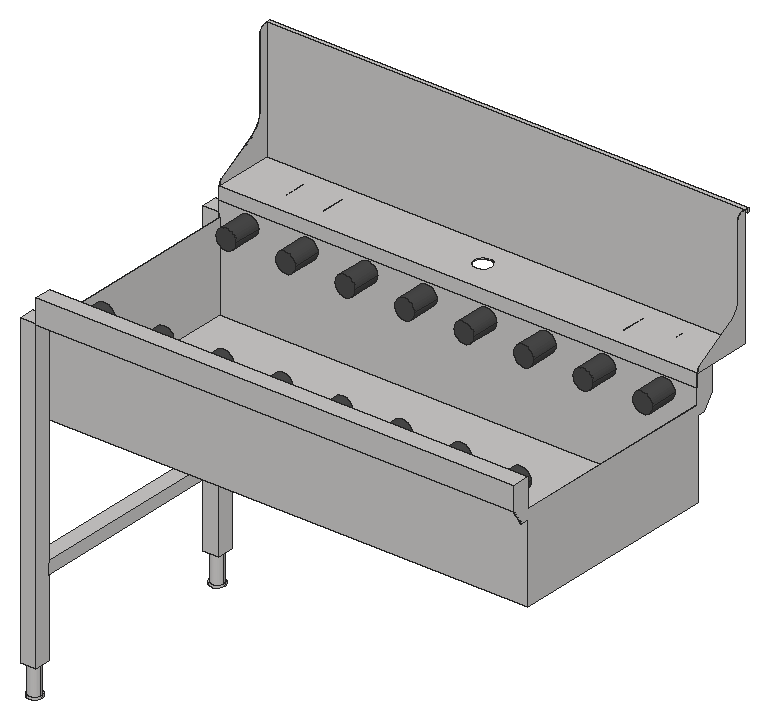
Revit family "QF_ELECTROLUXPROFESSIONAL_863073_HSSRDB12SB", category Specialty Equipment, Revit 2018
Family settings
  Round Connector Dimension = Use Diameter
  Part Type = Normal
  Work Plane-Based = No
  Always vertical = Yes
  Cut with Voids When Loaded = No
  Shared = No
  Room Calculation Point = No
Parameters
  Weight = 0.00 kg
  Watts = 0 W
  Volts = 0 V
  URL Manufacturer = "http://professional.electrolux.com/"
  URL = "http://professional.electrolux.com/"
  Steam Supply Size = 0 mm
  Steam Supply Minimum Pressure = 0.0 Pa
  Steam Supply Maximum Pressure = 0.0 Pa
  Steam Pounds per Hour = 0
  Refrigeration Suction Line Size = 0 mm
  Refrigeration Liquid Line Size = 0 mm
  Refrigerant Compressor Remote = yes
  Manufacturer = "Electrolux"
  Phase = 0
  Model = "HSSRDB12SB"
  Length Actual = 1200 mm  # constant formula
  Item Number = "863073"
  Hot Water Size = 0 mm
  Height Actual = 1213 mm  # constant formula
  HP = "0 HP"
  Gas Size = 0 mm
  Gas KW = 0
  Gas Input Pressure = 0 W
  Description = "SHORT ROLLER CONVEYOR WITH DEEP BASIN AND SPLASH BACK,  L=1200 MM"
  Depth Actual = 735 mm  # constant formula
  Cycle = 0 Hz
  Condensate Return Size = 0 mm
  Compressed Air Volume = 0.0 L/s
  Compressed Air Size = 0 mm
  Compressed Air Pressure = 0.0 Pa
  Cold Water Size = 0 mm
  Accessory = yes
Reference planes
  plane 1 "Centro (Fronte/Retro)": y = 74.737
  plane 2: z = 0
  plane 3 "LEFT": x = -1038.761
  plane 4 "BACK": y = 499.737
  plane 5 "FRONT": y = -235.263
  plane 6: z = 910
  plane 7 "RIGHT": x = 161.239
  plane 8: x = -438.761
Forms (mm)
  Extrusion 1, solid, material "QF_Finishes_Stainless Steel"
    sketch origin (0, 74.737, 0) x (1, 0, 0) y (0, 0, 1)
      loop
        line (-1079.929, 300) -> (-1079.929, 270) -> (-1039.929, 270) -> (-1039.929, 300) -> (-1079.929, 300)
    from -266.504 to 266.46
  Extrusion 2, solid, material "QF_Finishes_Stainless Steel"
    sketch origin (11.239, 0, 0) x (0, 1, 0) y (0, 0, 1)
      loop
        line (-235.263, 910) -> (-235.263, 850.033) -> (-190.242, 850.033) -> (-190.242, 910) -> (-235.263, 910)
      loop
        line (384.737, 910) -> (339.716, 910) -> (339.716, 850.033) -> (384.737, 850.033) -> (384.737, 910)
    from -1048.8 to 148.8
  Extrusion 3, solid, material "QF_Finishes_Stainless Steel"
    sketch origin (11.239, 0, 0) x (0, 1, 0) y (0, 0, 1)
      loop
        line (-191.727, 850.033) -> (-191.727, 618.033) -> (341.245, 618.033) -> (341.245, 850.033) -> (339.716, 850.033) -> (339.716, 621.033) -> (-190.242, 621.033) -> (-190.242, 850.033) -> (-191.727, 850.033)
    from -1048.8 to 148.8
  Extrusion 4, solid, material "QF_Finishes_Stainless Steel"
    sketch origin (1461.239, 723.253, 4000) x (0, 1, 0) y (0, 0, 1)
      loop
        line (-958.516, -3090) -> (-958.516, -3149.967) -> (-934.752, -3185.632) -> (-914.981, -3185.632) -> (-914.981, -3381.967) -> (-382.009, -3381.967) -> (-382.009, -3185.632) -> (-362.281, -3185.632) -> (-338.516, -3149.967) -> (-338.516, -3090) -> (-383.538, -3090) -> (-383.538, -3161.926) -> (-913.495, -3161.926) -> (-913.495, -3090) -> (-958.516, -3090)
    from -1300 to -1301.2
  Revolve 5, solid, material "QF_Finishes_Stainless Steel"
    sketch origin (-438.761, 0, 0) x (0, 1, 0) y (0, 0, 1)
      loop
        line (74.737, 618.033) -> (-1.756, 618.033) -> (-1.756, 601.823) -> (0.354, 601.823)
        arc (0.354, 601.823) -> (3.64, 597.973) -> (0.351, 594.125) r 3.897
        line (0.351, 594.125) -> (-1.756, 594.125) -> (-1.756, 551.31)
        arc (-1.756, 551.31) -> (8.91, 520.632) -> (36.296, 503.17) r 49.497
        line (36.296, 503.17) -> (36.296, 500.684) -> (37.487, 497.398) -> (51.25, 491.407) -> (51.25, 455.535) -> (52.727, 454.059) -> (74.737, 454.059) -> (74.737, 618.033)
      axis (74.737, 454.059) -> (74.737, 618.033)
    angle from 0 to 360
  Extrusion 6, solid, material "QF_Finishes_Stainless Steel"
    sketch origin (-537.561, 723.253, 4000) x (0, 1, 0) y (0, 0, 1)
      loop
        line (-958.516, -3090) -> (-958.516, -3149.967) -> (-914.981, -3149.967) -> (-914.981, -3381.967) -> (-382.009, -3381.967) -> (-382.009, -3149.967) -> (-338.516, -3149.967) -> (-338.516, -3090) -> (-383.538, -3090) -> (-383.538, -3161.926) -> (-913.495, -3161.926) -> (-913.495, -3090) -> (-958.516, -3090)
    from -500 to -501.2
  Extrusion 7, solid, material "QF_Finishes_Black"
    sketch origin (0, 74.737, 0) x (1, 0, 0) y (0, 0, 1)
      loop
        circle (-961.28, 850.115) r 25
      loop
        circle (-811.989, 850.115) r 25
      loop
        circle (-214.824, 850.115) r 25
      loop
        circle (-65.533, 850.115) r 25
      loop
        circle (83.758, 850.115) r 25
      loop
        circle (-364.115, 850.115) r 25
      loop
        circle (-662.698, 850.115) r 25
      loop
        circle (-513.407, 850.115) r 25
    from 190.58 to 260.534
  Extrusion 8, solid, material "QF_Finishes_Stainless Steel"
    sketch origin (-239.961, 342.237, 0) x (0, 1, 0) y (0, 0, -1)
      loop
        line (-2.521, -910) -> (-2.521, -879.543) -> (-4.021, -879.543) -> (-4.021, -911.5) -> (145.999, -911.5) -> (145.999, -1213) -> (157.5, -1213) -> (157.5, -1202.537) -> (156, -1202.537) -> (156, -1211.5) -> (147.499, -1211.5) -> (147.499, -910) -> (-2.521, -910)
    from -401.2 to 798.8
  Extrusion 9, solid, material "QF_Finishes_Stainless Steel"
    sketch origin (-915.761, 342.237, 0) x (0, 1, 0) y (0, 0, 1)
      loop
        line (-0.992, 624.033) -> (13.767, 624.033)
        arc (13.767, 624.033) -> (17.303, 625.498) -> (18.768, 629.034) r 5.001
        line (18.768, 629.034) -> (18.768, 745.739) -> (102.636, 891.045) -> (102.636, 910) -> (42.5, 910) -> (42.5, 850.033) -> (-0.992, 850.033) -> (-0.992, 624.033)
    from 0 to 3
  Extrusion 10, solid, material "QF_Finishes_Stainless Steel"
    sketch origin (-818.761, 342.237, 0) x (0, 1, 0) y (0, 0, 1)
      loop
        line (-0.992, 624.033) -> (13.767, 624.033)
        arc (13.767, 624.033) -> (17.303, 625.498) -> (18.768, 629.034) r 5.001
        line (18.768, 629.034) -> (18.768, 745.739) -> (102.636, 891.045) -> (102.636, 910) -> (42.5, 910) -> (42.5, 850.033) -> (-0.992, 850.033) -> (-0.992, 624.033)
    from 0 to 3
  Extrusion 11, solid, material "QF_Finishes_Stainless Steel"
    sketch origin (-205.939, 342.237, 13) x (-1, 0, 0) y (0, 0, 1)
      loop
        line (706.822, 837.033) -> (612.822, 837.033) -> (612.822, 611.033) -> (706.822, 611.033) -> (706.822, 837.033)
    from -0.992 to 1.008
  Extrusion 12, solid, material "QF_Finishes_Stainless Steel"
    sketch origin (160.039, 342.237, 0) x (0, 1, 0) y (0, 0, -1)
      loop
        line (1.051, -911.5) -> (1.051, -914.619)
        arc (1.051, -914.619) -> (2.37, -919.604) -> (6.004, -923.263) r 9.963
        line (6.004, -923.263) -> (100.988, -978.112)
        arc (100.988, -978.112) -> (119.305, -996.412) -> (126.02, -1021.418) r 50.023
        line (126.02, -1021.418) -> (126.02, -1196.012)
        arc (126.02, -1196.012) -> (130.414, -1206.62) -> (141.022, -1211.014) r 15.003
        line (141.022, -1211.014) -> (145.999, -1211.014) -> (145.999, -911.5) -> (1.051, -911.5)
    from -1.2 to 0
  Extrusion 13, solid, material "QF_Finishes_Stainless Steel"
    sketch origin (-1033.961, 342.237, 0) x (0, 1, 0) y (0, 0, -1)
      loop
        line (141.022, -1211.014) -> (145.999, -1211.014) -> (145.999, -911.5) -> (1.051, -911.5) -> (1.051, -914.619)
        arc (1.051, -914.619) -> (2.37, -919.604) -> (6.004, -923.263) r 9.963
        line (6.004, -923.263) -> (100.988, -978.112)
        arc (100.988, -978.112) -> (119.305, -996.412) -> (126.02, -1021.418) r 50.023
        line (126.02, -1021.418) -> (126.02, -1196.012)
        arc (126.02, -1196.012) -> (130.414, -1206.62) -> (141.022, -1211.014) r 15.003
    from 3.6 to 4.8
  Extrusion 14, void
    sketch origin (0, 0, 0) x (1, 0, 0) y (0, 1, 0)
      loop
        circle (-438.761, 417.226) r 22.503
    from 910 to 911.5
  Extrusion 15, solid, material "QF_Finishes_Stainless Steel"
    sketch origin (-361.761, 342.237, 0) x (0, 1, 0) y (0, 0, -1)
      loop
        line (-0.992, -624.033) -> (-0.992, -850.033) -> (42.5, -850.033) -> (42.5, -910) -> (102.636, -910) -> (102.636, -891.045) -> (18.768, -745.739) -> (18.768, -629.034)
        arc (18.768, -629.034) -> (17.303, -625.498) -> (13.767, -624.033) r 5.001
        line (13.767, -624.033) -> (-0.992, -624.033)
    from -400 to -397
  Extrusion 16, solid, material "QF_Finishes_Stainless Steel"
    sketch origin (-458.761, 342.237, 0) x (0, 1, 0) y (0, 0, -1)
      loop
        line (-0.992, -624.033) -> (-0.992, -850.033) -> (42.5, -850.033) -> (42.5, -910) -> (102.636, -910) -> (102.636, -891.045) -> (18.768, -745.739) -> (18.768, -629.034)
        arc (18.768, -629.034) -> (17.303, -625.498) -> (13.767, -624.033) r 5.001
        line (13.767, -624.033) -> (-0.992, -624.033)
    from -400 to -397
  Extrusion 17, solid, material "QF_Finishes_Stainless Steel"
    sketch origin (-1071.583, 342.237, 13) x (1, 0, 0) y (0, 0, -1)
      loop
        line (1106.822, -837.033) -> (1106.822, -611.033) -> (1012.822, -611.033) -> (1012.822, -837.033) -> (1106.822, -837.033)
    from -0.992 to 1.008
  Extrusion 18, solid, material "QF_Finishes_Black"
    sketch origin (0, 74.737, 0) x (1, 0, 0) y (0, 0, -1)
      loop
        circle (-961.28, -850.115) r 25
      loop
        circle (-811.989, -850.115) r 25
      loop
        circle (-214.824, -850.115) r 25
      loop
        circle (-65.533, -850.115) r 25
      loop
        circle (83.758, -850.115) r 25
      loop
        circle (-364.115, -850.115) r 25
      loop
        circle (-662.698, -850.115) r 25
      loop
        circle (-513.407, -850.115) r 25
    from 190.58 to 260.534
Cuts and joins
  joined: Extrusion 2, Extrusion 3, Extrusion 4, Revolve 5, Extrusion 6
  Extrusion 14 cuts Extrusion 8
  joined: Extrusion 8, Extrusion 9, Extrusion 10, Extrusion 11, Extrusion 12, Extrusion 13, Extrusion 15, Extrusion 16, Extrusion 17
Lines and regions (mm)
  Split face 1
    outline origin (608.239, 339.716, 621.033) x (-1, 0, 0) y (0, -1, 0)
      loop
        circle (1047, 264.904) r 3.016
  Split face 2
    outline origin (608.239, 339.716, 621.033) x (-1, 0, 0) y (0, -1, 0)
      loop
        circle (1047, 264.904) r 52.991
  Split face 3
    outline origin (608.239, 339.716, 621.033) x (-1, 0, 0) y (0, -1, 0)
      loop
        circle (1047, 264.904) r 36.015
  Split face 4
    outline origin (608.239, 339.716, 621.033) x (-1, 0, 0) y (0, -1, 0)
      loop
        circle (1047, 264.904) r 26.027
  Split face 5
    outline origin (608.239, 339.716, 621.033) x (-1, 0, 0) y (0, -1, 0)
      loop
        circle (1047, 264.904) r 9.056
  Masking region 1
    outline origin (0, 0, 0) x (1, 0, 0) y (0, 1, 0)
      loop
        line (-1038.761, 499.737) -> (-1038.761, -235.263) -> (161.239, -235.263) -> (161.239, 499.737) -> (-1038.761, 499.737)
  symbolic lines
    curve 1: line (161.239, 499.737, 0) -> (-1038.761, 499.737, 0)
    curve 2: line (-1038.761, 499.737, 0) -> (-1038.761, -235.263, 0)
    curve 3: line (-1038.761, 339.716, 0) -> (161.239, 339.716, 0)
    curve 4: line (-1038.761, -235.263, 0) -> (161.239, -235.263, 0)
    curve 5: line (161.239, -235.263, 0) -> (161.239, 499.737, 0)
    curve 6: line (161.239, -190.242, 0) -> (-1038.761, -190.242, 0)
    curve 7: line (-936.28, -185.797, 0) -> (-986.28, -185.797, 0)
    curve 8: line (-986.28, -185.797, 0) -> (-986.28, -115.842, 0)
    curve 9: line (-986.28, -115.842, 0) -> (-936.28, -115.842, 0)
    curve 10: line (-936.28, -115.842, 0) -> (-936.28, -185.797, 0)
    curve 11: line (-786.989, -185.797, 0) -> (-836.989, -185.797, 0)
    curve 12: line (-836.989, -185.797, 0) -> (-836.989, -115.842, 0)
    curve 13: line (-836.989, -115.842, 0) -> (-786.989, -115.842, 0)
    curve 14: line (-786.989, -115.842, 0) -> (-786.989, -185.797, 0)
    curve 15: line (-637.698, -185.797, 0) -> (-687.698, -185.797, 0)
    curve 16: line (-687.698, -185.797, 0) -> (-687.698, -115.842, 0)
    curve 17: line (-687.698, -115.842, 0) -> (-637.698, -115.842, 0)
    curve 18: line (-637.698, -115.842, 0) -> (-637.698, -185.797, 0)
    curve 19: line (-339.115, -185.797, 0) -> (-389.115, -185.797, 0)
    curve 20: line (-389.115, -185.797, 0) -> (-389.115, -115.842, 0)
    curve 21: line (-389.115, -115.842, 0) -> (-339.115, -115.842, 0)
    curve 22: line (-339.115, -115.842, 0) -> (-339.115, -185.797, 0)
    curve 23: line (-1038.761, 343.288, 0) -> (-1037.561, 343.288, 0)
    curve 24: line (-1037.561, 343.288, 0) -> (-1037.561, 488.236, 0)
    curve 25: line (-1038.761, 488.236, 0) -> (161.239, 488.236, 0)
    curve 26: line (160.039, 488.236, 0) -> (160.039, 343.288, 0)
    curve 27: line (160.039, 343.288, 0) -> (161.239, 343.288, 0)
    curve 28: arc (-461.264, 417.226, 0) -> (-438.761, 439.729, 0) -> (-416.258, 417.226, 0) r 22.503
    curve 29: arc (-416.258, 417.226, 0) -> (-438.761, 394.723, 0) -> (-461.264, 417.226, 0) r 22.503
    curve 30: line (161.239, 74.737, 0) -> (131.239, 74.737, 0)
    curve 31: line (-1038.761, 74.737, 0) -> (-1008.761, 74.737, 0)
    curve 32: arc (-438.761, 151.231, 0) -> (-362.267, 74.737, 0) -> (-438.761, -1.756, 0) r 76.494
    curve 33: arc (-438.761, -1.756, 0) -> (-515.254, 74.737, 0) -> (-438.761, 151.231, 0) r 76.494
    curve 34: arc (-438.761, 96.747, 0) -> (-460.771, 74.737, 0) -> (-438.761, 52.727, 0) r 22.01
    curve 35: arc (-438.761, 52.727, 0) -> (-416.751, 74.737, 0) -> (-438.761, 96.747, 0) r 22.01
    curve 36: line (-488.407, -185.797, 0) -> (-538.407, -185.797, 0)
    curve 37: line (-538.407, -185.797, 0) -> (-538.407, -115.842, 0)
    curve 38: line (-538.407, -115.842, 0) -> (-488.407, -115.842, 0)
    curve 39: line (-488.407, -115.842, 0) -> (-488.407, -185.797, 0)
    curve 40: line (-189.824, -185.797, 0) -> (-239.824, -185.797, 0)
    curve 41: line (-239.824, -185.797, 0) -> (-239.824, -115.842, 0)
    curve 42: line (-239.824, -115.842, 0) -> (-189.824, -115.842, 0)
    curve 43: line (-189.824, -115.842, 0) -> (-189.824, -185.797, 0)
    curve 44: line (-40.533, -185.797, 0) -> (-90.533, -185.797, 0)
    curve 45: line (-90.533, -185.797, 0) -> (-90.533, -115.842, 0)
    curve 46: line (-90.533, -115.842, 0) -> (-40.533, -115.842, 0)
    curve 47: line (-40.533, -115.842, 0) -> (-40.533, -185.797, 0)
    curve 48: line (108.758, -185.797, 0) -> (58.758, -185.797, 0)
    curve 49: line (58.758, -185.797, 0) -> (58.758, -115.842, 0)
    curve 50: line (58.758, -115.842, 0) -> (108.758, -115.842, 0)
    curve 51: line (108.758, -115.842, 0) -> (108.758, -185.797, 0)
    curve 52: line (-936.28, 335.271, 0) -> (-986.28, 335.271, 0)
    curve 53: line (-986.28, 335.271, 0) -> (-986.28, 265.317, 0)
    curve 54: line (-986.28, 265.317, 0) -> (-936.28, 265.317, 0)
    curve 55: line (-936.28, 265.317, 0) -> (-936.28, 335.271, 0)
    curve 56: line (-786.989, 335.271, 0) -> (-836.989, 335.271, 0)
    curve 57: line (-836.989, 335.271, 0) -> (-836.989, 265.317, 0)
    curve 58: line (-836.989, 265.317, 0) -> (-786.989, 265.317, 0)
    curve 59: line (-786.989, 265.317, 0) -> (-786.989, 335.271, 0)
    curve 60: line (-637.698, 335.271, 0) -> (-687.698, 335.271, 0)
    curve 61: line (-687.698, 335.271, 0) -> (-687.698, 265.317, 0)
    curve 62: line (-687.698, 265.317, 0) -> (-637.698, 265.317, 0)
    curve 63: line (-637.698, 265.317, 0) -> (-637.698, 335.271, 0)
    curve 64: line (-339.115, 335.271, 0) -> (-389.115, 335.271, 0)
    curve 65: line (-389.115, 335.271, 0) -> (-389.115, 265.317, 0)
    curve 66: line (-389.115, 265.317, 0) -> (-339.115, 265.317, 0)
    curve 67: line (-339.115, 265.317, 0) -> (-339.115, 335.271, 0)
    curve 68: line (-488.407, 335.271, 0) -> (-538.407, 335.271, 0)
    curve 69: line (-538.407, 335.271, 0) -> (-538.407, 265.317, 0)
    curve 70: line (-538.407, 265.317, 0) -> (-488.407, 265.317, 0)
    curve 71: line (-488.407, 265.317, 0) -> (-488.407, 335.271, 0)
    curve 72: line (-189.824, 335.271, 0) -> (-239.824, 335.271, 0)
    curve 73: line (-239.824, 335.271, 0) -> (-239.824, 265.317, 0)
    curve 74: line (-239.824, 265.317, 0) -> (-189.824, 265.317, 0)
    curve 75: line (-189.824, 265.317, 0) -> (-189.824, 335.271, 0)
    curve 76: line (-40.533, 335.271, 0) -> (-90.533, 335.271, 0)
    curve 77: line (-90.533, 335.271, 0) -> (-90.533, 265.317, 0)
    curve 78: line (-90.533, 265.317, 0) -> (-40.533, 265.317, 0)
    curve 79: line (-40.533, 265.317, 0) -> (-40.533, 335.271, 0)
    curve 80: line (108.758, 335.271, 0) -> (58.758, 335.271, 0)
    curve 81: line (58.758, 335.271, 0) -> (58.758, 265.317, 0)
    curve 82: line (58.758, 265.317, 0) -> (108.758, 265.317, 0)
    curve 83: line (108.758, 265.317, 0) -> (108.758, 335.271, 0)
Dimensions and locks
  plane 3 "LEFT" to plane 7 "RIGHT" = 1200 mm
  plane 4 "BACK" to plane 1 "Centro (Fronte/Retro)" to plane 5 "FRONT" = 425 mm, 310 mm
  plane 4 "BACK" to plane 5 "FRONT" = 735 mm
  equal spacing: plane 3 "LEFT", plane 8, plane 7 "RIGHT"
  locked: cut or joined group 1 (Extrusion 8, Extrusion 9, Extrusion 10, Extrusion 11, Extrusion 12, Extrusion 13, Extrusion 14, Extrusion 15, Extrusion 16, Extrusion 17) to cut or joined group 1 at 94  (x2)
  equal spacing: cut or joined group 1, plane 8, cut or joined group 1
  locked: cut or joined group 1 to cut or joined group 1 at 3  (x2)
  locked: Extrusion 7 sketch curve to plane 3 "LEFT" at 77.481
  locked: plane 7 "RIGHT" to Extrusion 7 sketch curve at 77.481
  equal spacing: Extrusion 7 sketch curve, Extrusion 7 sketch curve, Extrusion 7 sketch curve, Extrusion 7 sketch curve, Extrusion 7 sketch curve, Extrusion 7 sketch curve, Extrusion 7 sketch curve, Extrusion 7 sketch curve
  equal spacing: Extrusion 18 sketch curve, Extrusion 18 sketch curve, Extrusion 18 sketch curve, Extrusion 18 sketch curve, Extrusion 18 sketch curve, Extrusion 18 sketch curve, Extrusion 18 sketch curve, Extrusion 18 sketch curve
  aligned and locked: level to plane 2
  aligned and locked: plane 8 to cut or joined group of Extrusion 2, Extrusion 3, Extrusion 4, Revolve 5, Extrusion 6
  aligned and locked: Extrusion 2 to Extrusion 3
Automatic sketch dimensions
  curve 28 to curve 29 = 0 mm  (x2)
  curve 32 to curve 33 = 0 mm  (x2)
  curve 32 to curve 34 = 0 mm  (x2)
  curve 32 to curve 35 = 0 mm  (x2)
  curve 33 to curve 34 = 0 mm  (x2)
  curve 33 to curve 35 = 0 mm  (x2)
  curve 34 to curve 35 = 0 mm  (x2)
  curve 4 to plane 3 "LEFT" = 0 mm
  plane 1 "Centro (Fronte/Retro)" to curve 31 = 0 mm
  plane 1 "Centro (Fronte/Retro)" to curve 35 = 0 mm
  curve 35 to plane 8 = 0 mm
  plane 1 "Centro (Fronte/Retro)" to curve 30 = 0 mm
  curve 27 to plane 7 "RIGHT" = 0 mm
  curve 4 to plane 5 "FRONT" = 0 mm
  curve 2 to plane 4 "BACK" = 0 mm
  plane 3 "LEFT" to curve 24 = 1.2 mm
  plane 3 "LEFT" to curve 8 = 52.481 mm
  curve 23 to curve 53 = 51.281 mm
  curve 8 to curve 10 = 50 mm
  curve 53 to curve 55 = 50 mm
  curve 54 to curve 57 = 99.291 mm
  curve 9 to curve 13 = 99.291 mm
  curve 12 to curve 14 = 50 mm
  curve 57 to curve 59 = 50 mm
  plane 5 "FRONT" to curve 16 = 49.466 mm
  curve 11 to curve 16 = 99.291 mm
  curve 56 to curve 61 = 99.291 mm
  curve 60 to curve 60 = 50 mm
  curve 16 to curve 18 = 50 mm
  curve 60 to curve 69 = 99.291 mm
  curve 17 to curve 37 = 99.291 mm
  plane 8 to curve 71 = 49.646 mm
  plane 8 to curve 39 = 49.646 mm
  plane 8 to curve 28 = 0 mm
  curve 66 to plane 8 = 49.646 mm
  curve 21 to plane 8 = 49.646 mm
  curve 64 to curve 67 = 50 mm
  curve 19 to curve 22 = 50 mm
  curve 21 to curve 41 = 99.291 mm
  curve 64 to curve 72 = 99.291 mm
  curve 40 to curve 40 = 50 mm
  curve 72 to curve 75 = 50 mm
  curve 74 to curve 78 = 99.291 mm
  curve 42 to curve 46 = 99.291 mm
  curve 44 to curve 44 = 50 mm
  curve 76 to curve 76 = 50 mm
  curve 46 to curve 50 = 99.291 mm
  curve 76 to curve 80 = 99.291 mm
  curve 81 to curve 83 = 50 mm
  curve 48 to curve 48 = 50 mm
  curve 26 to plane 7 "RIGHT" = 1.2 mm
  plane 5 "FRONT" to curve 40 = 49.466 mm
  plane 5 "FRONT" to curve 39 = 49.466 mm
  plane 5 "FRONT" to curve 51 = 49.466 mm
  plane 5 "FRONT" to curve 7 = 49.466 mm
  plane 5 "FRONT" to curve 44 = 49.466 mm
  plane 5 "FRONT" to curve 11 = 49.466 mm
  plane 5 "FRONT" to curve 22 = 49.466 mm
  curve 15 to curve 17 = 69.954 mm
  curve 19 to curve 20 = 69.954 mm
  curve 11 to curve 14 = 69.954 mm
  curve 44 to curve 47 = 69.954 mm
  curve 7 to curve 10 = 69.954 mm
  curve 40 to curve 43 = 69.954 mm
  curve 36 to curve 38 = 69.954 mm
  curve 48 to curve 49 = 69.954 mm
  curve 70 to plane 1 "Centro (Fronte/Retro)" = 190.58 mm
  curve 73 to plane 1 "Centro (Fronte/Retro)" = 190.58 mm
  curve 67 to curve 73 = 0 mm
  curve 74 to curve 77 = 0 mm
  curve 63 to curve 69 = 0 mm
  curve 78 to curve 81 = 0 mm
  curve 59 to curve 61 = 0 mm
  curve 53 to curve 57 = 0 mm
  curve 57 to curve 57 = 69.954 mm
  curve 54 to curve 55 = 69.954 mm
  curve 62 to curve 60 = 69.954 mm
  curve 81 to curve 81 = 69.954 mm
  curve 66 to curve 64 = 69.954 mm
  curve 78 to curve 79 = 69.954 mm
  curve 70 to curve 68 = 69.954 mm
  curve 74 to curve 75 = 69.954 mm
  curve 52 to curve 23 = 8.018 mm
  curve 80 to curve 26 = 8.018 mm
  curve 29 to plane 4 "BACK" = 82.511 mm
  plane 3 "LEFT" to curve 31 = 30 mm
  curve 28 to curve 28 = 22.503 mm
  curve 30 to plane 7 "RIGHT" = 30 mm
  curve 4 to curve 6 = 45.021 mm
  curve 32 to curve 32 = 76.494 mm
  curve 35 to curve 32 = 22.01 mm
  curve 3 to curve 23 = 3.573 mm
  curve 25 to curve 1 = 11.501 mm
  Extrusion 1 sketch curve to plane 3 "LEFT" = 41.168 mm
  Extrusion 1 sketch curve to plane 3 "LEFT" = 1.168 mm
  level to Extrusion 1 sketch curve = 270 mm
  Extrusion 1 sketch curve to Extrusion 1 sketch curve = 30 mm
  Extrusion 2 sketch curve to plane 5 "FRONT" = 0 mm
  Extrusion 2 sketch curve to plane 6 = 0 mm  (x2)
  plane 5 "FRONT" to Extrusion 2 sketch curve = 45.021 mm
  Extrusion 2 sketch curve to plane 6 = 59.967 mm
  Extrusion 2 sketch curve to plane 4 "BACK" = 160.021 mm
  Extrusion 2 sketch curve to Extrusion 2 sketch curve = 45.021 mm
  Extrusion 2 sketch curve to Extrusion 2 sketch curve = 59.967 mm
  plane 5 "FRONT" to Extrusion 3 sketch curve = 43.536 mm
  Extrusion 3 sketch curve to Extrusion 3 sketch curve = 1.486 mm
  Extrusion 3 sketch curve to plane 6 = 59.967 mm  (x2)
  Extrusion 3 sketch curve to plane 4 "BACK" = 160.021 mm
  Extrusion 3 sketch curve to Extrusion 3 sketch curve = 1.529 mm
  Extrusion 3 sketch curve to plane 6 = 288.967 mm
  Extrusion 3 sketch curve to Extrusion 3 sketch curve = 3 mm
  Extrusion 4 sketch curve to plane 5 "FRONT" = 0 mm
  Extrusion 4 sketch curve to plane 6 = 0 mm  (x2)
  plane 5 "FRONT" to Extrusion 4 sketch curve = 23.764 mm
  plane 5 "FRONT" to Extrusion 4 sketch curve = 43.536 mm
  plane 5 "FRONT" to Extrusion 4 sketch curve = 45.021 mm
  Extrusion 4 sketch curve to plane 6 = 71.926 mm
  Extrusion 4 sketch curve to plane 4 "BACK" = 160.021 mm
  Extrusion 4 sketch curve to plane 4 "BACK" = 158.492 mm
  Extrusion 4 sketch curve to Extrusion 4 sketch curve = 19.728 mm
  Extrusion 4 sketch curve to Extrusion 4 sketch curve = 23.764 mm
  Extrusion 4 sketch curve to Extrusion 4 sketch curve = 23.706 mm  (x2)
  Extrusion 4 sketch curve to Extrusion 4 sketch curve = 196.335 mm
  Extrusion 4 sketch curve to Extrusion 4 sketch curve = 35.665 mm  (x2)
  Revolve 5 sketch curve to plane 1 "Centro (Fronte/Retro)" = 0 mm  (x2)
  plane 1 "Centro (Fronte/Retro)" to Revolve 5 sketch curve = 22.01 mm
  plane 1 "Centro (Fronte/Retro)" to Revolve 5 sketch curve = 23.487 mm
  plane 1 "Centro (Fronte/Retro)" to Revolve 5 sketch curve = 26.996 mm
  Revolve 5 sketch curve to Revolve 5 sketch curve = 13.764 mm
  Revolve 5 sketch curve to Revolve 5 sketch curve = 1.191 mm
  Revolve 5 sketch curve to Revolve 5 sketch curve = 47.387 mm
  Revolve 5 sketch curve to Revolve 5 sketch curve = 0.003 mm
  Revolve 5 sketch curve to Revolve 5 sketch curve = 0.61 mm
  Revolve 5 sketch curve to Revolve 5 sketch curve = 2.107 mm
  Revolve 5 sketch curve to Revolve 5 sketch curve = 2.11 mm
  level to Revolve 5 sketch curve = 454.059 mm
  Revolve 5 sketch curve to Revolve 5 sketch curve = 1.476 mm
  Revolve 5 sketch curve to Revolve 5 sketch curve = 35.872 mm
  Revolve 5 sketch curve to Revolve 5 sketch curve = 5.991 mm
  Revolve 5 sketch curve to Revolve 5 sketch curve = 3.286 mm
  Revolve 5 sketch curve to Revolve 5 sketch curve = 2.486 mm
  Revolve 5 sketch curve to Revolve 5 sketch curve = 48.139 mm
  Revolve 5 sketch curve to Revolve 5 sketch curve = 42.815 mm
  Revolve 5 sketch curve to Revolve 5 sketch curve = 3.849 mm
  Revolve 5 sketch curve to Revolve 5 sketch curve = 66.706 mm
  Revolve 5 sketch curve to Revolve 5 sketch curve = 3 mm
  Revolve 5 sketch curve to Revolve 5 sketch curve = 14.991 mm
  cut or joined group of Extrusion 2, Extrusion 3, Extrusion 4, Revolve 5, Extrusion 6 to Split face 1 sketch curve = 264.904 mm
  cut or joined group of Extrusion 2, Extrusion 3, Extrusion 4, Revolve 5, Extrusion 6 to Split face 1 sketch curve = 598.8 mm
  cut or joined group of Extrusion 2, Extrusion 3, Extrusion 4, Revolve 5, Extrusion 6 to Split face 2 sketch curve = 264.904 mm
  cut or joined group of Extrusion 2, Extrusion 3, Extrusion 4, Revolve 5, Extrusion 6 to Split face 2 sketch curve = 598.8 mm
  cut or joined group of Extrusion 2, Extrusion 3, Extrusion 4, Revolve 5, Extrusion 6 to Split face 3 sketch curve = 264.904 mm
  cut or joined group of Extrusion 2, Extrusion 3, Extrusion 4, Revolve 5, Extrusion 6 to Split face 3 sketch curve = 598.8 mm
  cut or joined group of Extrusion 2, Extrusion 3, Extrusion 4, Revolve 5, Extrusion 6 to Split face 4 sketch curve = 264.904 mm
  cut or joined group of Extrusion 2, Extrusion 3, Extrusion 4, Revolve 5, Extrusion 6 to Split face 4 sketch curve = 598.8 mm
  cut or joined group of Extrusion 2, Extrusion 3, Extrusion 4, Revolve 5, Extrusion 6 to Split face 5 sketch curve = 264.904 mm
  cut or joined group of Extrusion 2, Extrusion 3, Extrusion 4, Revolve 5, Extrusion 6 to Split face 5 sketch curve = 598.8 mm
  Masking region 1 sketch curve to plane 3 "LEFT" = 0 mm
  Masking region 1 sketch curve to plane 5 "FRONT" = 0 mm
  Masking region 1 sketch curve to plane 7 "RIGHT" = 0 mm
  Masking region 1 sketch curve to plane 4 "BACK" = 0 mm
  Extrusion 6 sketch curve to plane 5 "FRONT" = 0 mm
  Extrusion 6 sketch curve to plane 6 = 0 mm  (x2)
  plane 5 "FRONT" to Extrusion 6 sketch curve = 43.536 mm
  plane 5 "FRONT" to Extrusion 6 sketch curve = 45.021 mm
  Extrusion 6 sketch curve to plane 4 "BACK" = 160.021 mm
  Extrusion 6 sketch curve to plane 4 "BACK" = 158.492 mm
  Extrusion 6 sketch curve to Extrusion 6 sketch curve = 43.492 mm
  Extrusion 6 sketch curve to Extrusion 6 sketch curve = 59.967 mm  (x2)
  Extrusion 6 sketch curve to Extrusion 6 sketch curve = 11.959 mm
  Extrusion 6 sketch curve to Extrusion 6 sketch curve = 220.041 mm
  Extrusion 7 sketch curve to plane 6 = 59.885 mm  (x8)
  Extrusion 8 sketch curve to plane 6 = 0 mm
  Extrusion 8 sketch curve to plane 4 "BACK" = 0 mm
  Extrusion 8 sketch curve to plane 4 "BACK" = 1.5 mm
  Extrusion 8 sketch curve to Extrusion 8 sketch curve = 8.501 mm
  Extrusion 8 sketch curve to Extrusion 8 sketch curve = 1.5 mm  (x3)
  Extrusion 8 sketch curve to plane 6 = 30.457 mm
  Extrusion 8 sketch curve to Extrusion 8 sketch curve = 148.52 mm
  plane 6 to Extrusion 8 sketch curve = 1.5 mm
  Extrusion 8 sketch curve to Extrusion 8 sketch curve = 291.037 mm
  Extrusion 8 sketch curve to Extrusion 8 sketch curve = 8.963 mm
  Extrusion 9 sketch curve to plane 6 = 0 mm
  Extrusion 9 sketch curve to plane 4 "BACK" = 158.492 mm
  Extrusion 9 sketch curve to Extrusion 9 sketch curve = 14.759 mm
  Extrusion 9 sketch curve to Extrusion 9 sketch curve = 19.76 mm
  Extrusion 9 sketch curve to Extrusion 9 sketch curve = 43.492 mm
  Extrusion 9 sketch curve to plane 6 = 18.955 mm
  Extrusion 9 sketch curve to plane 4 "BACK" = 54.864 mm
  Extrusion 9 sketch curve to Extrusion 9 sketch curve = 59.967 mm
  Extrusion 9 sketch curve to Extrusion 9 sketch curve = 104.294 mm
  Extrusion 9 sketch curve to Extrusion 9 sketch curve = 116.705 mm
  Extrusion 10 sketch curve to plane 6 = 0 mm
  Extrusion 10 sketch curve to plane 4 "BACK" = 158.492 mm
  Extrusion 10 sketch curve to Extrusion 10 sketch curve = 14.759 mm
  Extrusion 10 sketch curve to Extrusion 10 sketch curve = 19.76 mm
  Extrusion 10 sketch curve to Extrusion 10 sketch curve = 43.492 mm
  Extrusion 10 sketch curve to plane 6 = 18.955 mm
  Extrusion 10 sketch curve to plane 4 "BACK" = 54.864 mm
  Extrusion 10 sketch curve to Extrusion 10 sketch curve = 59.967 mm
  Extrusion 10 sketch curve to Extrusion 10 sketch curve = 104.294 mm
  Extrusion 10 sketch curve to Extrusion 10 sketch curve = 116.705 mm
  Extrusion 11 sketch curve to plane 6 = 59.967 mm
  plane 8 to Extrusion 11 sketch curve = 380 mm
  Extrusion 11 sketch curve to Extrusion 11 sketch curve = 94 mm
  Extrusion 11 sketch curve to Extrusion 11 sketch curve = 225.999 mm
  plane 6 to Extrusion 12 sketch curve = 1.5 mm
  Extrusion 12 sketch curve to plane 4 "BACK" = 156.449 mm
  plane 6 to Extrusion 12 sketch curve = 13.263 mm
  Extrusion 12 sketch curve to Extrusion 12 sketch curve = 4.953 mm
  plane 6 to Extrusion 12 sketch curve = 4.651 mm
  Extrusion 12 sketch curve to Extrusion 12 sketch curve = 5.01 mm
  Extrusion 12 sketch curve to plane 4 "BACK" = 81.503 mm
  Extrusion 12 sketch curve to Extrusion 12 sketch curve = 24.991 mm
  Extrusion 12 sketch curve to plane 4 "BACK" = 31.48 mm
  Extrusion 12 sketch curve to plane 4 "BACK" = 16.478 mm
  Extrusion 12 sketch curve to plane 4 "BACK" = 11.501 mm
  plane 6 to Extrusion 12 sketch curve = 68.112 mm
  Extrusion 12 sketch curve to Extrusion 12 sketch curve = 43.306 mm
  Extrusion 12 sketch curve to Extrusion 12 sketch curve = 174.593 mm
  plane 6 to Extrusion 13 sketch curve = 1.5 mm
  Extrusion 13 sketch curve to plane 4 "BACK" = 156.449 mm
  plane 6 to Extrusion 13 sketch curve = 13.263 mm
  Extrusion 13 sketch curve to Extrusion 13 sketch curve = 4.953 mm
  plane 6 to Extrusion 13 sketch curve = 4.651 mm
  Extrusion 13 sketch curve to Extrusion 13 sketch curve = 5.01 mm
  Extrusion 13 sketch curve to plane 4 "BACK" = 81.503 mm
  Extrusion 13 sketch curve to Extrusion 13 sketch curve = 24.991 mm
  Extrusion 13 sketch curve to plane 4 "BACK" = 31.48 mm
  Extrusion 13 sketch curve to Extrusion 13 sketch curve = 15.003 mm
  Extrusion 13 sketch curve to Extrusion 13 sketch curve = 4.976 mm
  plane 6 to Extrusion 13 sketch curve = 68.112 mm
  Extrusion 13 sketch curve to Extrusion 13 sketch curve = 43.306 mm
  Extrusion 13 sketch curve to Extrusion 13 sketch curve = 174.593 mm
  plane 8 to Extrusion 14 sketch curve = 0 mm
  Extrusion 14 sketch curve to plane 4 "BACK" = 82.511 mm
  Extrusion 15 sketch curve to plane 6 = 0 mm
  Extrusion 15 sketch curve to plane 4 "BACK" = 158.492 mm
  Extrusion 15 sketch curve to Extrusion 15 sketch curve = 14.759 mm
  Extrusion 15 sketch curve to Extrusion 15 sketch curve = 19.76 mm
  Extrusion 15 sketch curve to Extrusion 15 sketch curve = 43.492 mm
  Extrusion 15 sketch curve to plane 6 = 18.955 mm
  Extrusion 15 sketch curve to plane 4 "BACK" = 54.864 mm
  Extrusion 15 sketch curve to plane 6 = 59.967 mm
  Extrusion 15 sketch curve to Extrusion 15 sketch curve = 104.294 mm
  Extrusion 15 sketch curve to Extrusion 15 sketch curve = 116.705 mm
  Extrusion 16 sketch curve to plane 6 = 0 mm
  Extrusion 16 sketch curve to plane 4 "BACK" = 158.492 mm
  Extrusion 16 sketch curve to Extrusion 16 sketch curve = 14.759 mm
  Extrusion 16 sketch curve to Extrusion 16 sketch curve = 19.76 mm
  Extrusion 16 sketch curve to Extrusion 16 sketch curve = 43.492 mm
  Extrusion 16 sketch curve to plane 6 = 18.955 mm
  Extrusion 16 sketch curve to plane 4 "BACK" = 54.864 mm
  Extrusion 16 sketch curve to plane 6 = 59.967 mm
  Extrusion 16 sketch curve to Extrusion 16 sketch curve = 104.294 mm
  Extrusion 16 sketch curve to Extrusion 16 sketch curve = 116.705 mm
  Extrusion 17 sketch curve to plane 6 = 59.967 mm
  Extrusion 17 sketch curve to plane 8 = 380 mm
  Extrusion 17 sketch curve to Extrusion 17 sketch curve = 94 mm
  Extrusion 17 sketch curve to Extrusion 17 sketch curve = 225.999 mm
  plane 3 "LEFT" to Extrusion 18 sketch curve = 77.481 mm
  Extrusion 18 sketch curve to plane 6 = 59.885 mm  (x8)
  Extrusion 18 sketch curve to Extrusion 18 sketch curve = 149.291 mm
  radius of Split face 1 sketch curve = 3.016 mm
  radius of Split face 2 sketch curve = 52.991 mm
  radius of Split face 3 sketch curve = 36.015 mm
  radius of Split face 4 sketch curve = 26.027 mm
  radius of Split face 5 sketch curve = 9.056 mm
  radius of Extrusion 7 sketch curve = 25 mm  (x8)
  radius of Extrusion 14 sketch curve = 22.503 mm
  radius of Extrusion 18 sketch curve = 25 mm  (x8)
Nested families
  nested 1: "Foot_40x40" at (-1059.929, 361.245, 0), type "Foot_40x40"
    with A 850.033 mm
  nested 2: "Foot_40x40" at (-1059.929, -211.771, 0), type "Foot_40x40"
    with A 850.033 mm
Connectors
  piping at (-438.761, 74.737, 454.059), diameter 30
    settings: on cut or joined group of Extrusion 2, Extrusion 3, Extrusion 4, Revolve 5, Extrusion 6, index 1, connector inside diameter 609.6 mm, connector length 0 mm, flow factor 0, pipe flow 0.0 L/s, pressure drop 0.0 Pa, fitting loss kfactor 0, connector angle 0.00°, fixture units 0, engagement length 0 mm, angle of deflection 0.00°, flow configuration 1, flow direction 2, fitting loss method 0, system type 16, joint type 0, gender type 0, connector reference index -1, connector utility 0, adjustable connector no, is connector primary yes, connector description "Drain"
Definition of nested family "Foot_40x40"
  Parameters
    A [instance] = 850 mm
  Reference planes
    plane 1 "Centro (Fronte/Retro)": y = 0
    plane 2: z = 0
    plane 3 "Centro (Sinistra/Destra)": x = 0
    plane 4: z = 850
  Forms (mm)
    Extrusion 1, solid
      sketch origin (0, 0, 0) x (1, 0, 0) y (0, 1, 0)
        loop
          circle (0, 0) r 18
      from 0 to 5
    Extrusion 2, solid
      sketch origin (0, 0, 5) x (1, 0, 0) y (0, 1, 0)
        loop
          circle (0, 0) r 15
      from 0 to 70
    Extrusion 3, solid
      sketch origin (0, 0, 75) x (1, 0, 0) y (0, 1, 0)
        loop
          line (-20, 20) -> (-20, -20) -> (20, -20) -> (20, 20) -> (-20, 20)
      from 0 to 775
  Dimensions and locks
    "A": plane 4 to plane 2
    aligned and locked: level to plane 2
    aligned and locked: plane 4 to Extrusion 3
    aligned and locked: Extrusion 1 to level
  Automatic sketch dimensions
    plane 1 "Centro (Fronte/Retro)" to Extrusion 1 sketch curve = 0 mm
    Extrusion 1 sketch curve to plane 3 "Centro (Sinistra/Destra)" = 0 mm
    Extrusion 3 sketch curve to Extrusion 3 sketch curve = 40 mm  (x2)
    radius of Extrusion 1 sketch curve = 18 mm
    radius of Extrusion 2 sketch curve to Extrusion 1 = 3 mm
